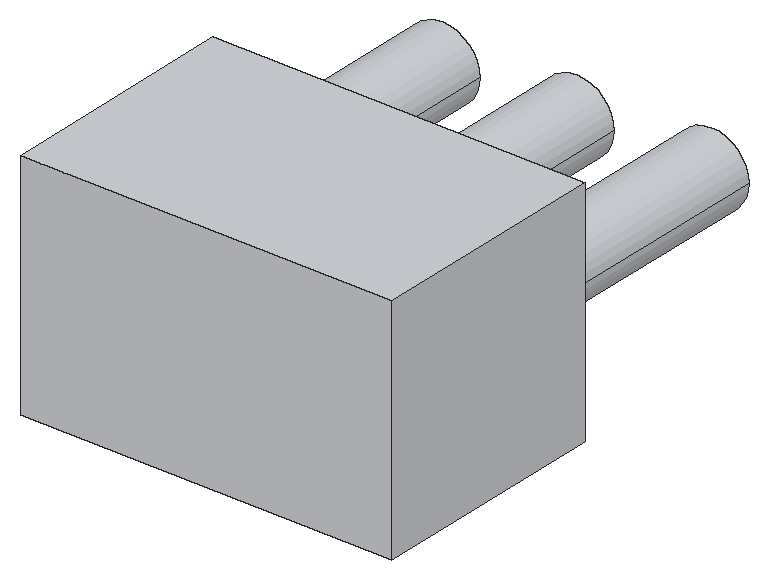
Revit family "body", category Generic Models, Revit 2019
Family settings
  Can host rebar = No
  Round Connector Dimension = Use Diameter
  Part Type = Normal
  Work Plane-Based = No
  Always vertical = Yes
  Cut with Voids When Loaded = No
  Shared = No
  Room Calculation Point = No
Parameters
  Material = none
Reference planes
  plane 1 "Center (Front/Back)": y = 0
  plane 2: z = 0
  plane 3 "Center (Left/Right)": x = 0
Forms (mm)
  Extrusion 1, solid, material <- "Material"
    sketch origin (-47.288, 0, 0) x (1, 0, 0) y (0, 1, 0)
      loop
        line (-152.712, 81.878) -> (-152.712, -178.122) -> (247.288, -178.122) -> (247.288, 81.878) -> (-152.712, 81.878)
    from 0 to 250
Dimensions and locks
  aligned and locked: level to plane 2
Nested families
  nested 1: "Family2" at (0, 331.878, -175), type "Family2"
  nested 2: "Family2" at (-144.8, 331.878, -175), type "Family2"
  nested 3: "Family2" at (-289.6, 331.878, -175), type "Family2"
Definition of nested family "Family2"
  Reference planes
    plane 1 "Center (Front/Back)": y = 0
    plane 2: z = 0
    plane 3 "Center (Left/Right)": x = 0
  Forms (mm)
    Extrusion 1, solid
      sketch origin (0, 0, 0) x (1, 0, 0) y (0, 0, 1)
        loop
          circle (136.753, 306.242) r 40
      from 0 to 250
  Dimensions and locks
    aligned and locked: level to plane 2
